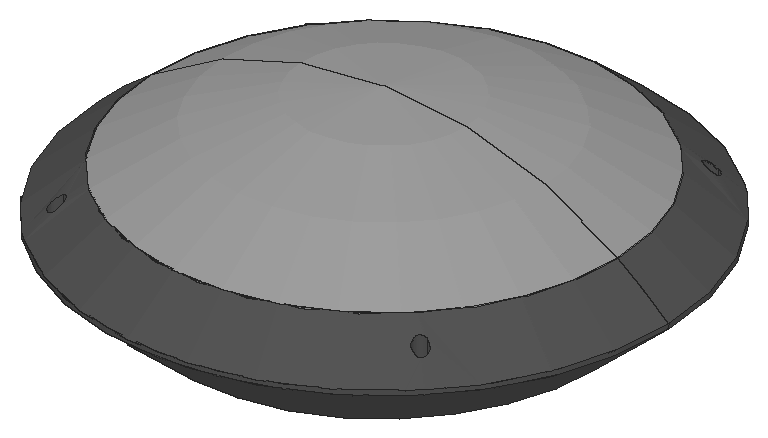
Revit family "0049000+0049032", category Lighting Fixtures, host Face, Revit 2017
Family settings
  Host = Face
  Round Connector Dimension = Use Diameter
  Part Type = Normal
  OmniClass Number = 23.80.70.00
  OmniClass Title = Lighting
  Cut with Voids When Loaded = No
  Light Source = Yes
  Shared = No
  Room Calculation Point = No
Parameters (values of type "0049000 Srt Surface IP66 1450lm 830 WH - 14.5 W")
  WidthCover_SYL = if([300mm_SYL], 27.5 mm, 31.3 mm)  # 31.3 mm
  WidthBottomSlope_SYL = if([300mm_SYL], 39.2 mm, 45.4 mm)  # 45.4 mm
  Weight = "10.0 kg"
  Wattage Comments = ""
  Wattage = 14.5 W
  WarrantyStartDate [instance] = "n/a"
  WarrantyGuarantorParts = "n/a"
  WarrantyDurationUnit = "n/a"
  WarrantyDurationParts = "n/a"
  WarrantyDescription = "n/a"
  built-in parameter 1150110 = 1 (stored number, unit not read)
  Voltage = 230 V
  URL = "http://www.sylvania-lighting.com"
  TypeName = "Start Surface IP66 1450lm 830 IK10 WHT - 14.5 W"
  Type Image = <None>
  Type Comments = "n/a"
  built-in parameter 1114217 = 1 (stored number, unit not read)
  Tilt Angle = -90.00°
  built-in parameter 1150109 = 1 (stored number, unit not read)
  built-in parameter 1150134 = (empty or 0)
  built-in parameter 1150113 = 1 (stored number, unit not read)
  SerialNumber [instance] = "n/a"
  RadiusTopOffset_SYL = RadiusFront_SYL - 2 mm  # 252 mm
  RadiusEyelid_SYL = 252.4 mm
  PowerFactor = 0
  PowerConsumption = "14.5 W"
  Photometric Web File = "0049000_15W.ies"
  NominalLength = 350 mm
  NominalHeight = 110 mm
  NominalDepth = 350 mm
  Name = "Start Surface IP66 1450lm 830 IK10 WHT - 14.5 W"
  ModelReference = Name  # "Start Surface IP66 1450lm 830 IK10 WHT - 14.5 W"
  ModelNumber = "0049000"
  Model = Name  # "Start Surface IP66 1450lm 830 IK10 WHT - 14.5 W"
  Material = "polycarbonate body, polycaarbonate housing"
  ManufacturerName = "Feilo Sylvania"
  Manufacturer = "Feilo Sylvania"
  LuminousEfficacy = "100 lm/W"
  built-in parameter 1150105 = 450.08 (stored number, unit not read)
  Lumens = 1450 lm
  LuminaireType = ""
  built-in parameter 1150115 = 1 (stored number, unit not read)
  LightOutputRatio = "n/a"
  built-in parameter 1150137 = (empty or 0)
  built-in parameter 1150139 = (empty or 0)
  LampsType = Lamp  # "LED"
  LampNominalLuminous = "1450 lm"
  LampMacAdamStep = "n/a"
  LampColourTemperature = "3000 K"
  LampColourRenderingIndex = "80"
  built-in parameter 1150112 = 1 (stored number, unit not read)
  built-in parameter 1150114 = 1 (stored number, unit not read)
  Lamp = "LED"
  Keynote = "16500"
  InstallationDate [instance] = "n/a"
  InputVoltage = "220-240 V AC"
  InputNominalFrequency = "50/60 Hz"
  built-in parameter 1150132 = (empty or 0)
  built-in parameter 1150102 = (empty or 0)
  built-in parameter 1150107 = 3000 (stored number, unit not read)
  built-in parameter 1150138 = (empty or 0)
  IngressProtection = "IP66"
  ImpactProtectionIndex = "IK10"
  built-in parameter 1150106 = 4.5008 (stored number, unit not read)
  IfcExportType = "IfcLightFixtureType"
  IfcExportAs = "IfcLightFixtureType"
  HoleRad_SYL = if([300mm_SYL], 134 mm, 158.3 mm)  # 158.3 mm
  HoleHoleRad_SYL = 4.7 mm
  HoleAngle_SYL = 45.00°
  Height_SYL = if([300mm_SYL], 95 mm, 113 mm)  # 113 mm
  HeightFrontSlope_SYL = if([300mm_SYL], 22 mm, 26 mm)  # 26 mm
  HeightBottomSlope_SYL = if([300mm_SYL], 30 mm, 38 mm)  # 38 mm
  RadiusFront_SYL = if([300mm_SYL], 216.5 mm, 254 mm)  # 254 mm
  Eyelid_SYL = no
  ExpectedLife = 50000
  Emit from Circle Diameter = Diameter_SYL - 2 * WidthCover_SYL  # 287.4 mm
  Emit Shape Visible in Rendering = no
  ElectricShockClassification = "Class II"
  built-in parameter 1150104 = 9.2903 (stored number, unit not read)
  DurationUnit = "hours"
  DocumentationLiterature = "http://www.sylvania-lighting.com/product/en-int/products/0049000"
  DimmingControlOptions = "Non dimmable"
  Material_2_SYL = LED-Sylvania-StartSurfaceIP66
  Dimming Lamp Color Temperature Shift = <None>
  Diameter_SYL = if([300mm_SYL], 300 mm, 350 mm)  # 350 mm
  Description = "LED exterior surface mounted luminaire, 350mm diameter, 1450lm as max. lumen output, can be adjusted down to 700lm by internal switch, 15W power consumption, 97lm/W efficacy, 3000K color temperature, CRI80, non-dimmable, IP66, IK10, 50,000 hours (L70), white housing, vandal resistant"
  Default Elevation = 1219.2 mm
  CreatedOn = "7/9/2019"
  CreatedBy = "@sylvania-lighting.com"
  Cost = 0
  Color Filter = 16777215
  built-in parameter 1114216 [instance] = (empty or 0)
  ClassificationValue = "EF_70_80"
  ClassificationName = "Uniclass2015"
  Material_1_SYL = Body-Sylvania-StartSurfaceIP66-Black
  BarCode [instance] = "n/a"
  built-in parameter 1114218 = 1 (stored number, unit not read)
  built-in parameter 1150133 = 10 (stored number, unit not read)
  AssetType = "Fixed"
  AssetIdentifier [instance] = "n/a"
  Assembly Code = "D5020200"
  Apparent Load = 14.5 VA
  Material_3_SYL = none
  300mm_SYL = no
Types (3, lengths in mm): name | Wattage | TypeName | PowerConsumption | Photometric Web File | Name | ModelReference | Model | LuminousEfficacy | built-in parameter 1150105 | Lumens | LampNominalLuminous | built-in parameter 1150106 | Eyelid_SYL | built-in parameter 1150104 | Apparent Load
  0049000 Srt Surface IP66 1450lm 830 WH - 14.5 W | 14.5 W | "Start Surface IP66 1450lm 830 IK10 WHT - 14.5 W" | "14.5 W" | "0049000_15W.ies" | "Start Surface IP66 1450lm 830 IK10 WHT - 14.5 W" | "Start Surface IP66 1450lm 830 IK10 WHT - 14.5 W" | "Start Surface IP66 1450lm 830 IK10 WHT - 14.5 W" | "100 lm/W" | 450.08 (stored number, unit not read) | 1450 lm | "1450 lm" | 4.5008 (stored number, unit not read) | no | 9.2903 (stored number, unit not read) | 14.5 VA
  0049000 Srt Surface IP66 1450lm 830 WH - 6.5 W | 6.5 W | "Start Surface IP66 1450lm 830 IK10 WHT - 6.5 W" | "6.5 W" | "0049000_7W.ies" | "Start Surface IP66 1450lm 830 IK10 WHT - 6.5 W" | "Start Surface IP66 1450lm 830 IK10 WHT - 6.5 W" | "Start Surface IP66 1450lm 830 IK10 WHT - 6.5 W" | "107.6 lm/W" | 226.75 (stored number, unit not read) | 700 lm | "700 lm" | 2.2675 (stored number, unit not read) | no | 10.005 (stored number, unit not read) | 6.5 VA
  0049000+0049032 Srt Surface IP66 1450lm 830 WH - 14.5 W + Eyelid | 14.5 W | "Start Surface IP66 1450lm 830 IK10 WHT - 14.5 W" | "14.5 W" | "0049000+0049032.ies" | "Start Surface IP66 1450lm 830 IK10 WHT - 14.5 W" | "Start Surface IP66 1450lm 830 IK10 WHT - 14.5 W" | "Start Surface IP66 1450lm 830 IK10 WHT - 14.5 W" | "100 lm/W" | 450.08 (stored number, unit not read) | 1450 lm | "1450 lm" | 4.5008 (stored number, unit not read) | yes | 9.2903 (stored number, unit not read) | 14.5 VA
Reference planes
  plane 1 "Center (Front/Back)": y = 0
  plane 2: z = 0
  plane 3 "Center (Left/Right)": x = 0
  plane 4: x = 175
  plane 5: x = -175
  plane 6: z = 38
  plane 7: x = -129.6
  plane 8: x = 129.6
  plane 9: x = -143.7
  plane 10: z = 41
  plane 11: y = -13
  plane 12: z = 67
  plane 13: z = 113
  plane 14: z = 42.5
  plane 15: x = 3.3
  plane 16: x = -3.3
  plane 17: y = 3.25
  plane 18: y = -3.35
  plane 19: y = 44.25
  plane 20: y = -44.35
  plane 21: y = 50.75
  plane 22: y = -50.85
  plane 23: y = -91.85
  plane 24: y = 91.75
  plane 25: y = 97.75
  plane 26: y = -97.85
Forms (mm)
  Revolve 1, solid, material "Body-Sylvania-StartSurfaceIP66-Black" <- "Material_1_SYL"
    sketch origin (0, 0, 0) x (1, 0, 0) y (0, 0, 1)
      loop
        line (0, 0) -> (0, 41) -> (-143.7, 41) -> (-143.7, 66.348)
        arc (-143.7, 66.348) -> (-159.853, 54.295) -> (-175, 41) r 254
        line (-175, 41) -> (-175, 38) -> (-129.6, 0) -> (0, 0)
      axis (0, 66.348) -> (0, 0)
    angle from 360 to 0
  Extrusion 2, void
    sketch origin (-1524.635, -4572, 41) x (0, -1, 0) y (-1, 0, 0)
      loop
        line (-4367.393, -1349.635) -> (-4559, -1349.635)
        arc (-4559, -1349.635) -> (-4576.647, -1524.635) -> (-4559, -1699.635) r 876.532
        line (-4559, -1699.635) -> (-4367.393, -1699.635) -> (-4367.393, -1349.635)
    from -85.687 to 41
  Extrusion 3, void
    sketch origin (-1534.635, -4572, 67) x (0, -1, 0) y (-1, 0, 0)
      loop
        circle (-4683.935, -1422.7) r 4.7
      loop
        circle (-4683.935, -1646.57) r 4.7
      loop
        circle (-4460.065, -1646.57) r 4.7
      loop
        circle (-4460.065, -1422.7) r 4.7
    from 0.652 to 29
  Revolve 4, solid, material "LED-Sylvania-StartSurfaceIP66" <- "Material_2_SYL"
    sketch origin (0, 0, 0) x (1, 0, 0) y (0, 0, 1)
      loop
        line (-143.7, 66.348) -> (-143.7, 63.918)
        arc (-143.7, 63.918) -> (-75.289, 97.395) -> (0, 108.905) r 252
        line (0, 108.905) -> (0, 110.905)
        arc (0, 110.905) -> (-75.225, 99.51) -> (-143.7, 66.348) r 254
      axis (0, 110.905) -> (0, 63.918)
    angle from 360 to 0
  Revolve 5, solid, material "Body-Sylvania-StartSurfaceIP66-Black" <- "Material_1_SYL", visible <- "Eyelid_SYL"
    sketch origin (0, 0, 0) x (1, 0, 0) y (0, 0, 1)
      loop
        line (-175, 42.5) -> (-175, 41)
        arc (-175, 41) -> (-94.223, 92.782) -> (0, 110.905) r 254
        line (0, 110.905) -> (0, 113.019)
        arc (0, 113.019) -> (-94.337, 94.726) -> (-175, 42.5) r 252.4
      axis (0, 113.019) -> (0, 41)
    angle from 360 to 0
Cuts and joins
  Extrusion 3 cuts Revolve 1
  Extrusion 2, Extrusion 3 cuts Revolve 5
Lines and regions (mm)
  reference lines
    curve 1: circle (0, 0, 0) r 158.3 normal (0, 0, 1)
    curve 2: line (0, 0, 0) -> (-111.935, 111.935, 0)
    curve 3: line (0, 0, 0) -> (111.935, 111.935, 0)
    curve 4: line (0, 0, 0) -> (-111.935, -111.935, 0)
    curve 5: line (0, 0, 0) -> (111.935, -111.935, 0)
    curve 6: arc (-175, 0, 41) -> (-61.42, 0, 103.367) -> (68.144, 0, 101.593) r 254
    curve 7: circle (0, 0, 41) r 158.3 normal (0, 0, 1)
    curve 8: line (111.935, -108.883, 41) -> (111.935, -111.935, 41)
    curve 9: circle (111.935, -111.935, 41) r 4.7 normal (0, 0, 1)
    curve 10: line (111.935, 111.935, 41) -> (111.935, 116.935, 41)
    curve 11: line (-111.935, 111.935, 41) -> (-111.935, 116.935, 41)
    curve 12: line (-111.935, -111.935, 41) -> (-111.935, -116.935, 41)
    curve 13: circle (-111.935, 111.935, 41) r 4.7 normal (0, 0, 1)
    curve 14: circle (111.935, 111.935, 41) r 4.7 normal (0, 0, 1)
    curve 15: circle (-111.935, -111.935, 41) r 4.7 normal (0, 0, 1)
    curve 16: arc (129.6, 0, 73.025) -> (-8.393, 0, 108.765) -> (-143.7, 0, 63.918) r 252
    curve 17: arc (-175, 0, 42.5) -> (0, 0, 113.019) -> (175, 0, 42.5) r 252.4
    curve 18: circle (0, 0, 67) r 145.5 normal (0, 0, 1)
Dimensions and locks
  equal spacing: plane 4, plane 3 "Center (Left/Right)", plane 5
  "Diameter_SYL": plane 4 to plane 5
  equal spacing: plane 8, plane 3 "Center (Left/Right)", plane 7
  "WidthBottomSlope_SYL": plane 7 to plane 5
  locked: plane 10 to plane 6 at 3
  locked: plane 11 to plane 1 "Center (Front/Back)" at 13
  "WidthCover_SYL": plane 9 to plane 5
  locked: plane 1 "Center (Front/Back)" to host face at 300
  "HeightBottomSlope_SYL": plane 6 to plane 2
  "HeightFrontSlope_SYL": plane 12 to plane 10
  "Height_SYL": plane 13 to plane 2
  locked: plane 14 to plane 10 at 1.5
  plane 26 to plane 23 to plane 22 to plane 20 to plane 18 to plane 17 to plane 19 to plane 21 to plane 24 to plane 25 = 6 mm locked, 41 mm locked, 6.5 mm locked, 41 mm locked, 6.6 mm locked, 41 mm locked, 6.5 mm locked, 41 mm locked, 6 mm locked
  locked: plane 1 "Center (Front/Back)" to plane 17 at 3.25
  "HoleRad_SYL": radius of curve 1
  "RadiusFront_SYL": radius of curve 6
  "HoleRad_SYL": radius of curve 7
  "HoleHoleRad_SYL": radius of curve 9
  "HoleHoleRad_SYL": radius of curve 13
  "HoleHoleRad_SYL": radius of curve 14
  "HoleHoleRad_SYL": radius of curve 15
  "RadiusTopOffset_SYL": radius of curve 16
  "RadiusEyelid_SYL": radius of curve 17
  radius of curve 18 = 145.5 mm
  "HoleAngle_SYL": angle curve 2 to plane 1 "Center (Front/Back)"
  "HoleAngle_SYL": angle plane 1 "Center (Front/Back)" to curve 3
  "HoleAngle_SYL": angle plane 1 "Center (Front/Back)" to curve 4
  "HoleAngle_SYL": angle curve 5 to plane 1 "Center (Front/Back)"
  aligned and locked: plane 2 to host face
  aligned and locked: level to host face
  aligned and locked: Revolve 1 sketch curve to plane 3 "Center (Left/Right)"  (x2)
  aligned and locked: level to Revolve 1 sketch curve
  aligned and locked: plane 5 to Revolve 1 sketch curve
  aligned and locked: Revolve 1 sketch curve to plane 10
  aligned and locked: plane 4 to Extrusion 2
  aligned and locked: Extrusion 2 to plane 5
  aligned and locked: plane 3 "Center (Left/Right)" to curve 6
  aligned and locked: Extrusion 2 to level
  aligned and locked: plane 10 to curve 6
  aligned and locked: Revolve 1 sketch curve to curve 6
  aligned and locked: plane 3 "Center (Left/Right)" to curve 7
  aligned and locked: plane 1 "Center (Front/Back)" to curve 7
  aligned and locked: plane 3 "Center (Left/Right)" to curve 5
  aligned and locked: curve 8 to curve 5
  aligned and locked: curve 5 to curve 9
  aligned and locked: curve 8 to curve 9
  aligned and locked: curve 3 to curve 10
  aligned and locked: curve 2 to curve 11
  aligned and locked: curve 4 to curve 12
  aligned and locked: curve 2 to curve 13
  aligned and locked: curve 13 to curve 11
  aligned and locked: curve 4 to curve 15
  aligned and locked: curve 15 to curve 12
  aligned and locked: curve 3 to curve 14
  aligned and locked: curve 14 to curve 10
  aligned and locked: Extrusion 3 sketch curve to curve 13
  aligned and locked: Extrusion 3 sketch curve to curve 14
  aligned and locked: Extrusion 3 sketch curve to curve 9
  aligned and locked: Extrusion 3 sketch curve to curve 15
  aligned and locked: Revolve 1 to Extrusion 3
  aligned and locked: Extrusion 3 to plane 6
  aligned and locked: Revolve 4 sketch curve to plane 3 "Center (Left/Right)"  (x2)
  aligned and locked: plane 9 to curve 16
  aligned and locked: plane 8 to curve 16
  aligned and locked: plane 3 "Center (Left/Right)" to curve 16
  aligned and locked: Revolve 4 sketch curve to curve 6
  aligned and locked: Revolve 4 sketch curve to curve 16
  aligned and locked: Revolve 4 sketch curve to plane 9
  aligned and locked: Extrusion 2 to plane 2
  aligned and locked: plane 4 to curve 17
  aligned and locked: plane 14 to curve 17  (x2)
  aligned and locked: plane 5 to curve 17
  aligned and locked: Revolve 5 sketch curve to curve 17
  aligned and locked: Revolve 5 sketch curve to plane 3 "Center (Left/Right)"  (x2)
  aligned and locked: Revolve 5 sketch curve to plane 5
  aligned and locked: Revolve 5 sketch curve to curve 6
  aligned and locked: plane 13 to imposter light
  aligned and locked: plane 15 to imposter light
  aligned and locked: plane 1 "Center (Front/Back)" to imposter light
Automatic sketch dimensions
  host sketch curve to host sketch curve = 600 mm  (x2)
  plane 1 "Center (Front/Back)" to curve 1 = 0 mm
  curve 1 to plane 3 "Center (Left/Right)" = 0 mm
  plane 1 "Center (Front/Back)" to curve 3 = 0 mm
  curve 6 to curve 16 = 0 mm
  curve 6 to plane 5 = 0 mm
  curve 6 to plane 13 = 11.407 mm
  Revolve 1 sketch curve to plane 9 = 0 mm
  Revolve 1 sketch curve to plane 7 = 0 mm
  Revolve 1 sketch curve to plane 6 = 0 mm
  Revolve 1 sketch curve to Revolve 1 sketch curve = 486.484 mm
  plane 13 to Revolve 1 sketch curve = 2508.512 mm
  Extrusion 2 sketch curve to plane 4 = 0 mm
  plane 11 to Extrusion 2 sketch curve = 0 mm  (x2)
  Extrusion 2 sketch curve to plane 5 = 0 mm
  plane 26 to Extrusion 2 sketch curve = 106.757 mm
  Extrusion 2 sketch curve to Extrusion 2 sketch curve = 667.277 mm
  curve 10 to curve 10 = 5 mm
  curve 11 to curve 11 = 5 mm
  curve 8 to curve 8 = 3.052 mm
  curve 15 to curve 12 = 5 mm
  Revolve 4 sketch curve to Revolve 4 sketch curve = 486.484 mm
  plane 13 to Revolve 4 sketch curve = 2513.579 mm
  Revolve 5 sketch curve to Revolve 5 sketch curve = 466.505 mm
  Revolve 5 sketch curve to Revolve 5 sketch curve = 2496.039 mm
  plane 1 "Center (Front/Back)" to curve 18 = 0 mm
  curve 18 to plane 3 "Center (Left/Right)" = 0 mm
Connectors
  electrical at (0, 0, 0), driven by "Apparent Load", driven by "PowerFactor", driven by "Voltage"
    settings: index 1, voltage 230 V, apparent load 14.5 VA, apparent load phase1 0 VA, apparent load phase2 0 VA, apparent load phase3 0 VA, power factor 0, load classification "Lighting", number of poles 1, system type 30, power factor state 1, is connector primary yes, connector utility no, sub classification motor no, connector description ""
